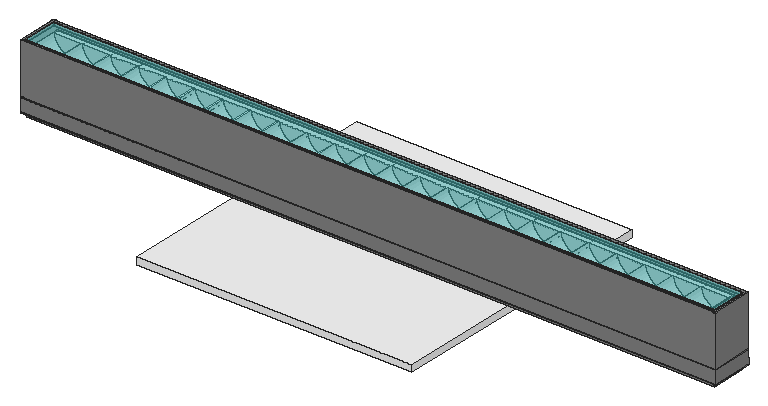
Revit family "BE_24316_de_DE", category Leuchten, Revit 2020
Family settings
  Basisbauteil = Fläche
  Bemaßung runder Anschluss = Durchmesser verwenden
  Teiletyp = Normal
  Beim Laden mit Abzugskörper schneiden = Ja
  Lichtquelle = Ja
  Gemeinsam genutzt = Nein
  Raumberechnungspunkt = Ja
Parameters (values of type "BEGA_24316_Grafit_K4")
  built-in parameter 1150104 = 16.602 (stored number, unit not read)
  Wattage = 32 W
  Default Elevation = 0 mm
  built-in parameter 1150113 = 1 (stored number, unit not read)
  built-in parameter 1114218 = 1 (stored number, unit not read)
  Umgebungstemperatur = "25 °C"
  URL = "https://www.bega.com/de/produkt/24316"
  Typenkommentare = "© 2022 BEGA. Wir behalten uns das Recht vor, technische Änderungen ohne vorherige Ankündigung vorzunehmen."  # constant formula
  Type Image = 24316.png
  built-in parameter 1150134 = 12
  built-in parameter 1150109 = 1 (stored number, unit not read)
  Strom = ""
  built-in parameter 1150110 = 1 (stored number, unit not read)
  Spannung = 239.996 V
  Sonderanfertigung = no
  Seriennummer [instance] = "Hier können Sie die eindeutige Seriennummer für das Facility Management eintragen."
  Schutzklasse = "I"
  Schutzart = "IP 65"
  Scheinlast = 0 VA
  Produktdatenblatt = "https://cdn.bega.com/bega/products/24316K4/current/documents/data-sheets/de"
  Oberflächentemperatur = ""
  Neigungswinkel = 0.00°
  Modell = "24316K4"
  Material_17 = BEGA_Reflektor
  Material_15 = BEGA_Leuchtmedium_matt
  Material_11 = BEGA_Glas_opal
  Material_09 = BEGA_Glas_klar
  Material_06 = BEGA_Oberfläche_Edelstahl_gebürstet
  Material_05 = BEGA_Oberfläche_Aluminium Guss
  Material_03 = BEGA_Oberfläche_Weiss_matt
  Material_02 = BEGA_Oberfläche_Silber_matt
  Material_01 [instance] = BEGA_Oberfläche_Grafit_matt
  M_W = no
  M_G = yes
  M_A = no
  Logo = 0
  built-in parameter 1114217 = 1 (stored number, unit not read)
  built-in parameter 1150139 = (empty or 0)
  built-in parameter 1150105 = 455.06 (stored number, unit not read)
  built-in parameter 1150114 = 1 (stored number, unit not read)
  Lumens = 5718.4 lm
  built-in parameter 1150115 = 1 (stored number, unit not read)
  Leuchtenlichtstrom = "4151 lm"
  Leuchtenanzahl = ""
  Lebensdauerkriterien = "L70B50 @ 25 °C = 200000 h"
  Lastklassifizierung = Beleuchtung
  built-in parameter 1150112 = 1 (stored number, unit not read)
  Lampenlichtstrom = "6060 lm"
  Lampe = "LED 31.6 W"
  LED_Modulbezeichnung = "LED-0771/840"
  built-in parameter 1150142 = (empty or 0)
  Hersteller = "BEGA"  # constant formula
  Halbstreuwinkel = ""
  Gewicht = "6.25 kg"
  Gebrauchslageneinschränkung [instance] = ""
  Frequenz = "0/50-60 Hz"
  Farbwiedergabeindex = "CRI > 80"
  Farbtemperaturverschiebung bei Dämpfen der Lampe = <Keine Auswahl>
  Farbtemperatur = "4000 K"
  Color Filter = 16777215
  built-in parameter 1150133 = 10 (stored number, unit not read)
  Energieeffizienzklasse = "LED A++ - A"
  built-in parameter 1150137 = (empty or 0)
  built-in parameter 1150132 = (empty or 0)
  ENEC = "ja"
  Dimmbar [instance] = "DALI"
  Datei für fotometrisches Netz = "BE_24316K4.IES"
  CE_Konformität = "ja"
  Bestellnummer = "24316K4"
  Beschreibung_Sonderanfertigung = "Hier können Sie Informationen zur Sonderanfertigung eintragen."
  Beschreibung = "Deckenaufbau-Tiefstrahler"
  built-in parameter 1150106 = 4.5506 (stored number, unit not read)
  Befestigungsbohrung = "Ø 7 mm"
  Befestigungsabstand = "925 mm"
  Ballwurfsicher = ""
  BEGA_Intern_aus = yes
  BEGA_Intern_an = yes
  BEGA_Intern_Konstruktion = yes
  BEGA_Intern = yes
  BEGA_IES = yes
  BEGA_Dummy = no
  Anschlussleitung = ""
  Anschlussleistung [instance] = "35.6 W"
  Anschlusskasten = ""
  built-in parameter 1150107 = 4000 (stored number, unit not read)
  built-in parameter 1150102 = (empty or 0)
  built-in parameter 1150138 = (empty or 0)
  Aktualisierung = "2022-05-18T04:00:07"
  Abstand_zur_angestrahlten_Fläche [instance] = ""
  AC/DC = "AC/DC"
Types (2, lengths in mm): name | built-in parameter 1150104 | built-in parameter 1150134 | Modell | built-in parameter 1150105 | Lumens | Leuchtenlichtstrom | Lampenlichtstrom | LED_Modulbezeichnung | Farbtemperatur | Datei für fotometrisches Netz | Bestellnummer | built-in parameter 1150106 | built-in parameter 1150107
  BEGA_24316_Grafit_K4 | 16.602 (stored number, unit not read) | 12 | "24316K4" | 455.06 (stored number, unit not read) | 5718.4 lm | "4151 lm" | "6060 lm" | "LED-0771/840" | "4000 K" | "BE_24316K4.IES" | "24316K4" | 4.5506 (stored number, unit not read) | 4000 (stored number, unit not read)
  BEGA_24316_Grafit_K3 | 16.193 (stored number, unit not read) | (empty or 0) | "24316K3" | 443.85 (stored number, unit not read) | 5577.6 lm | "4024 lm" | "5900 lm" | "LED-0771/830" | "3000 K" | "BE_24316K3.IES" | "24316K3" | 4.4385 (stored number, unit not read) | 3000 (stored number, unit not read)
Reference planes
  plane 1 "Mitte (Vorne/Hinten)": y = 0
  plane 2: z = 0
  plane 3 "Mitte (Links/Rechts)": x = 0
  plane 4 "Links": x = -506
  plane 5 "Rechts": x = 506
  plane 6 "Unten": y = -30
  plane 7 "Oben": y = 30
  plane 8 "Vorne": z = 101
  plane 9 "Hinten": z = 0
Forms (mm)
  Extrusion 1, solid, material "BEGA_Platte_Weiss"
    sketch origin (0, -1119.2, 0) x (1, 0, 0) y (0, 1, 0)
      loop
        line (-200, 1319.2) -> (-200, 919.2) -> (200, 919.2) -> (200, 1319.2) -> (-200, 1319.2)
    from 0 to -10
  Extrusion 2, solid, material "BEGA_Dummy_matt", visible <- "BEGA_Dummy"
    sketch origin (80.095, -76.023, 0) x (1, 0, 0) y (0, 1, 0)
      loop
        line (-586.095, 106.023) -> (-586.095, 46.023) -> (425.905, 46.023) -> (425.905, 106.023) -> (-586.095, 106.023)
    from 0 to 101
Dimensions and locks
  plane 1 "Mitte (Vorne/Hinten)" to Extrusion 1 = 200 mm
  aligned and locked: plane 2 to Extrusion 1
  aligned and locked: level to Extrusion 1
Nested families
  nested 1: "BE_24316" at (0, 0, 0), type "BE_24316"
Connectors
  electrical at (0, 0, 0), driven by "Lastklassifizierung", driven by "Spannung", driven by "Scheinlast"
    settings: index 1, voltage 239.996 V, apparent load 0 VA, apparent load phase1 0 VA, apparent load phase2 0 VA, apparent load phase3 0 VA, power factor 1, load classification "Beleuchtung", number of poles 1, system type 31, power factor state 1, is connector primary yes, connector utility no, sub classification motor no, connector description ""
Definition of nested family "BE_24316"
  Parameters (values of type "BE_24316")
    Default Elevation = 1 mm
    URL = "http://www.bega.de/de/produkt"
    Type Comments = "© 2015 BEGA. Wir behalten uns das Recht vor, technische Änderungen ohne vorherige Ankündigung vorzunehmen. "  # constant formula
    Type Image = (empty or 0)
    Neigungswinkel_um_Z2 = 0.00°
    Neigungswinkel_um_Z1 = 0.00°
    Neigungswinkel_um_Y2 = 0.00°
    Neigungswinkel_um_Y1 = 0.00°
    Neigungswinkel_um_X2 = 0.00°
    Neigungswinkel_um_X1 = 0.00°
    Material_17 = none
    Material_15 = none
    Material_11 = none
    Material_09 = none
    Material_06 = none
    Material_05 = none
    Material_03 = none
    Material_02 = none
    Material_01 = none
    M_W = yes
    M_G = yes
    M_A = yes
    Länge_Platte = 1200 mm  # constant formula
    Höhe_Platte = -10 mm  # constant formula
    Manufacturer = "BEGA"  # constant formula
    Drehwinkel_um_Z2 = 0.00°
    Drehwinkel_um_Z1 = 0.00°
    Breite_Platte = 200 mm  # constant formula
  Reference planes
    plane 1 "Mitte (Oben/Unten)": y = 0
    plane 2: z = 0
    plane 3 "Mitte (Links/Rechts)": x = 0
    plane 4: z = 101
    plane 5: y = 30
    plane 6: y = -30
    plane 7: x = -506
    plane 8: x = 506
  Forms (mm)
    Extrusion 1, solid, detail levels medium
      sketch origin (0, 0, 0) x (1, 0, 0) y (0, 1, 0)
        loop
          line (-600, 100) -> (-600, -100) -> (600, -100) -> (600, 100) -> (-600, 100)
      from 0 to -10 <- "Höhe_Platte"
    Extrusion 2, solid, material <- "Material_17", detail levels medium+fine
      sketch origin (0, 0, 0) x (1, 0, 0) y (0, 0, 1)
        loop
          line (-219.896, 71.065) -> (-217.905, 71.065)
          arc (-217.905, 71.065) -> (-209.513, 79.101) -> (-205.033, 89.821) r 28.453
          arc (-205.033, 89.821) -> (-200.531, 79.07) -> (-192.095, 71.026) r 28.448
          line (-192.095, 71.026) -> (-190.104, 71.026)
          arc (-190.104, 71.026) -> (-200.884, 81.497) -> (-204.535, 96.076) r 27.451
          line (-204.535, 96.076) -> (-205.537, 96.076)
          arc (-205.537, 96.076) -> (-209.167, 81.533) -> (-219.896, 71.065) r 27.451
        loop
          arc (-231.11, 71.026) -> (-241.883, 81.493) -> (-245.534, 96.064) r 27.449
          line (-245.534, 96.064) -> (-246.421, 96.064)
          arc (-246.421, 96.064) -> (-250.067, 81.523) -> (-260.809, 71.066) r 27.448
          line (-260.809, 71.066) -> (-258.842, 71.066)
          arc (-258.842, 71.066) -> (-250.41, 79.217) -> (-245.979, 90.076) r 28.466
          arc (-245.979, 90.076) -> (-241.539, 79.189) -> (-233.077, 71.026) r 28.467
          line (-233.077, 71.026) -> (-231.11, 71.026)
        loop
          arc (245.487, 96.076) -> (241.847, 81.515) -> (231.092, 71.045) r 27.451
          line (231.092, 71.045) -> (233.084, 71.045)
          arc (233.084, 71.045) -> (241.527, 79.128) -> (246.008, 89.923) r 28.451
          arc (246.008, 89.923) -> (250.453, 79.153) -> (258.842, 71.066) r 28.466
          line (258.842, 71.066) -> (260.809, 71.066)
          arc (260.809, 71.066) -> (250.064, 81.528) -> (246.421, 96.076) r 27.448
          line (246.421, 96.076) -> (245.487, 96.076)
        loop
          arc (-176.905, 71.026) -> (-168.516, 79.04) -> (-164.018, 89.734) r 28.485
          arc (-164.018, 89.734) -> (-159.507, 79.033) -> (-151.095, 71.026) r 28.447
          line (-151.095, 71.026) -> (-149.107, 71.026)
          arc (-149.107, 71.026) -> (-159.887, 81.497) -> (-163.538, 96.076) r 27.451
          line (-163.538, 96.076) -> (-164.537, 96.076)
          arc (-164.537, 96.076) -> (-168.157, 81.51) -> (-178.896, 71.026) r 27.452
          line (-178.896, 71.026) -> (-176.905, 71.026)
        loop
          arc (-108.107, 71.026) -> (-118.887, 81.497) -> (-122.538, 96.076) r 27.451
          line (-122.538, 96.076) -> (-123.54, 96.076)
          arc (-123.54, 96.076) -> (-127.17, 81.533) -> (-137.899, 71.065) r 27.451
          line (-137.899, 71.065) -> (-135.908, 71.065)
          arc (-135.908, 71.065) -> (-127.516, 79.101) -> (-123.036, 89.821) r 28.453
          arc (-123.036, 89.821) -> (-118.534, 79.07) -> (-110.098, 71.026) r 28.448
          line (-110.098, 71.026) -> (-108.107, 71.026)
        loop
          line (-96.899, 71.065) -> (-94.908, 71.065)
          arc (-94.908, 71.065) -> (-86.517, 79.099) -> (-82.037, 89.818) r 28.453
          arc (-82.037, 89.818) -> (-77.535, 79.068) -> (-69.1, 71.026) r 28.448
          line (-69.1, 71.026) -> (-67.108, 71.026)
          arc (-67.108, 71.026) -> (-77.889, 81.497) -> (-81.539, 96.076) r 27.451
          line (-81.539, 96.076) -> (-82.54, 96.076)
          arc (-82.54, 96.076) -> (-86.17, 81.533) -> (-96.899, 71.065) r 27.451
        loop
          arc (55.889, 71.045) -> (45.134, 81.515) -> (41.494, 96.076) r 27.451
          line (41.494, 96.076) -> (40.492, 96.076)
          arc (40.492, 96.076) -> (36.851, 81.515) -> (26.097, 71.045) r 27.451
          line (26.097, 71.045) -> (28.088, 71.045)
          arc (28.088, 71.045) -> (36.502, 79.085) -> (40.993, 89.821) r 28.451
          arc (40.993, 89.821) -> (45.484, 79.085) -> (53.898, 71.045) r 28.451
          line (53.898, 71.045) -> (55.889, 71.045)
        loop
          line (67.097, 71.045) -> (69.088, 71.045)
          arc (69.088, 71.045) -> (77.501, 79.084) -> (81.992, 89.818) r 28.451
          arc (81.992, 89.818) -> (86.483, 79.084) -> (94.896, 71.045) r 28.451
          line (94.896, 71.045) -> (96.887, 71.045)
          arc (96.887, 71.045) -> (86.133, 81.515) -> (82.492, 96.076) r 27.451
          line (82.492, 96.076) -> (81.492, 96.076)
          arc (81.492, 96.076) -> (77.851, 81.515) -> (67.097, 71.045) r 27.451
        loop
          arc (14.886, 71.045) -> (4.133, 81.515) -> (0.494, 96.076) r 27.451
          line (0.494, 96.076) -> (-0.505, 96.076)
          arc (-0.505, 96.076) -> (-4.146, 81.506) -> (-14.9, 71.024) r 27.487
          line (-14.9, 71.024) -> (-12.912, 71.024)
          arc (-12.912, 71.024) -> (-4.497, 79.072) -> (-0.005, 89.816) r 28.486
          arc (-0.005, 89.816) -> (4.486, 79.083) -> (12.898, 71.045) r 28.449
          line (12.898, 71.045) -> (14.886, 71.045)
        loop
          line (-55.9, 71.065) -> (-53.909, 71.065)
          arc (-53.909, 71.065) -> (-45.519, 79.099) -> (-41.039, 89.816) r 28.453
          arc (-41.039, 89.816) -> (-36.536, 79.057) -> (-28.1, 71.004) r 28.485
          line (-28.1, 71.004) -> (-26.108, 71.004)
          arc (-26.108, 71.004) -> (-36.889, 81.488) -> (-40.539, 96.076) r 27.487
          line (-40.539, 96.076) -> (-41.541, 96.076)
          arc (-41.541, 96.076) -> (-45.172, 81.533) -> (-55.9, 71.065) r 27.451
        loop
          line (108.095, 71.045) -> (110.087, 71.045)
          arc (110.087, 71.045) -> (118.5, 79.085) -> (122.991, 89.821) r 28.451
          arc (122.991, 89.821) -> (127.482, 79.085) -> (135.896, 71.045) r 28.451
          line (135.896, 71.045) -> (137.887, 71.045)
          arc (137.887, 71.045) -> (127.133, 81.515) -> (123.492, 96.076) r 27.451
          line (123.492, 96.076) -> (122.49, 96.076)
          arc (122.49, 96.076) -> (118.85, 81.515) -> (108.095, 71.045) r 27.451
        loop
          line (149.098, 71.045) -> (151.086, 71.045)
          arc (151.086, 71.045) -> (159.5, 79.085) -> (163.99, 89.821) r 28.449
          arc (163.99, 89.821) -> (168.481, 79.085) -> (176.896, 71.045) r 28.449
          line (176.896, 71.045) -> (178.884, 71.045)
          arc (178.884, 71.045) -> (168.13, 81.515) -> (164.489, 96.076) r 27.451
          line (164.489, 96.076) -> (163.49, 96.076)
          arc (163.49, 96.076) -> (159.851, 81.515) -> (149.098, 71.045) r 27.451
        loop
          arc (219.884, 71.045) -> (209.13, 81.515) -> (205.489, 96.076) r 27.451
          line (205.489, 96.076) -> (204.487, 96.076)
          arc (204.487, 96.076) -> (200.847, 81.515) -> (190.092, 71.045) r 27.451
          line (190.092, 71.045) -> (192.084, 71.045)
          arc (192.084, 71.045) -> (200.498, 79.085) -> (204.988, 89.821) r 28.451
          arc (204.988, 89.821) -> (209.479, 79.085) -> (217.893, 71.045) r 28.451
          line (217.893, 71.045) -> (219.884, 71.045)
        loop
          arc (-272.023, 71.066) -> (-282.772, 81.527) -> (-286.418, 96.076) r 27.45
          line (-286.418, 96.076) -> (-287.42, 96.076)
          arc (-287.42, 96.076) -> (-291.06, 81.515) -> (-301.815, 71.045) r 27.451
          line (-301.815, 71.045) -> (-299.824, 71.045)
          arc (-299.824, 71.045) -> (-291.406, 79.09) -> (-286.917, 89.833) r 28.451
          arc (-286.917, 89.833) -> (-282.425, 79.102) -> (-274.014, 71.066) r 28.45
          line (-274.014, 71.066) -> (-272.023, 71.066)
        loop
          line (-315.014, 71.045) -> (-313.023, 71.045)
          arc (-313.023, 71.045) -> (-323.778, 81.515) -> (-327.418, 96.076) r 27.451
          line (-327.418, 96.076) -> (-328.417, 96.076)
          arc (-328.417, 96.076) -> (-332.058, 81.515) -> (-342.812, 71.045) r 27.451
          line (-342.812, 71.045) -> (-340.824, 71.045)
          arc (-340.824, 71.045) -> (-332.409, 79.085) -> (-327.918, 89.821) r 28.449
          arc (-327.918, 89.821) -> (-323.427, 79.085) -> (-315.014, 71.045) r 28.449
        loop
          line (-383.812, 71.045) -> (-381.821, 71.045)
          arc (-381.821, 71.045) -> (-373.407, 79.085) -> (-368.916, 89.821) r 28.451
          arc (-368.916, 89.821) -> (-364.425, 79.085) -> (-356.011, 71.045) r 28.451
          line (-356.011, 71.045) -> (-354.02, 71.045)
          arc (-354.02, 71.045) -> (-364.775, 81.515) -> (-368.415, 96.076) r 27.451
          line (-368.415, 96.076) -> (-369.417, 96.076)
          arc (-369.417, 96.076) -> (-373.058, 81.515) -> (-383.812, 71.045) r 27.451
        loop
          arc (-395.02, 71.045) -> (-405.775, 81.515) -> (-409.415, 96.076) r 27.451
          line (-409.415, 96.076) -> (-410.416, 96.076)
          arc (-410.416, 96.076) -> (-414.056, 81.515) -> (-424.811, 71.045) r 27.451
          line (-424.811, 71.045) -> (-422.819, 71.045)
          arc (-422.819, 71.045) -> (-414.407, 79.084) -> (-409.915, 89.818) r 28.451
          arc (-409.915, 89.818) -> (-405.424, 79.084) -> (-397.011, 71.045) r 28.451
          line (-397.011, 71.045) -> (-395.02, 71.045)
        loop
          arc (-436.019, 71.045) -> (-446.773, 81.515) -> (-450.414, 96.076) r 27.451
          line (-450.414, 96.076) -> (-451.416, 96.076)
          arc (-451.416, 96.076) -> (-455.056, 81.515) -> (-465.811, 71.045) r 27.451
          line (-465.811, 71.045) -> (-463.819, 71.045)
          arc (-463.819, 71.045) -> (-455.406, 79.085) -> (-450.915, 89.821) r 28.451
          arc (-450.915, 89.821) -> (-446.424, 79.085) -> (-438.01, 71.045) r 28.451
          line (-438.01, 71.045) -> (-436.019, 71.045)
        loop
          arc (-477.019, 71.045) -> (-487.773, 81.515) -> (-491.414, 96.076) r 27.451
          line (-491.414, 96.076) -> (-492.413, 96.076)
          arc (-492.413, 96.076) -> (-489.056, 81.768) -> (-479.007, 71.045) r 28.449
          line (-479.007, 71.045) -> (-477.019, 71.045)
        loop
          line (272.023, 71.066) -> (274.014, 71.066)
          arc (274.014, 71.066) -> (282.425, 79.102) -> (286.917, 89.833) r 28.45
          arc (286.917, 89.833) -> (291.406, 79.09) -> (299.824, 71.045) r 28.451
          line (299.824, 71.045) -> (301.815, 71.045)
          arc (301.815, 71.045) -> (291.06, 81.515) -> (287.42, 96.076) r 27.451
          line (287.42, 96.076) -> (286.418, 96.076)
          arc (286.418, 96.076) -> (282.772, 81.527) -> (272.023, 71.066) r 27.45
        loop
          arc (315.014, 71.045) -> (323.427, 79.085) -> (327.918, 89.821) r 28.449
          arc (327.918, 89.821) -> (332.409, 79.085) -> (340.824, 71.045) r 28.449
          line (340.824, 71.045) -> (342.812, 71.045)
          arc (342.812, 71.045) -> (332.058, 81.515) -> (328.417, 96.076) r 27.451
          line (328.417, 96.076) -> (327.418, 96.076)
          arc (327.418, 96.076) -> (323.778, 81.515) -> (313.023, 71.045) r 27.451
          line (313.023, 71.045) -> (315.014, 71.045)
        loop
          arc (383.812, 71.045) -> (373.058, 81.515) -> (369.417, 96.076) r 27.451
          line (369.417, 96.076) -> (368.415, 96.076)
          arc (368.415, 96.076) -> (364.775, 81.515) -> (354.02, 71.045) r 27.451
          line (354.02, 71.045) -> (356.011, 71.045)
          arc (356.011, 71.045) -> (364.425, 79.085) -> (368.916, 89.821) r 28.451
          arc (368.916, 89.821) -> (373.407, 79.085) -> (381.821, 71.045) r 28.451
          line (381.821, 71.045) -> (383.812, 71.045)
        loop
          line (395.02, 71.045) -> (397.011, 71.045)
          arc (397.011, 71.045) -> (405.424, 79.084) -> (409.915, 89.818) r 28.451
          arc (409.915, 89.818) -> (414.407, 79.084) -> (422.819, 71.045) r 28.451
          line (422.819, 71.045) -> (424.811, 71.045)
          arc (424.811, 71.045) -> (414.056, 81.515) -> (410.416, 96.076) r 27.451
          line (410.416, 96.076) -> (409.415, 96.076)
          arc (409.415, 96.076) -> (405.775, 81.515) -> (395.02, 71.045) r 27.451
        loop
          line (436.019, 71.045) -> (438.01, 71.045)
          arc (438.01, 71.045) -> (446.424, 79.085) -> (450.915, 89.821) r 28.451
          arc (450.915, 89.821) -> (455.406, 79.085) -> (463.819, 71.045) r 28.451
          line (463.819, 71.045) -> (465.811, 71.045)
          arc (465.811, 71.045) -> (455.056, 81.515) -> (451.416, 96.076) r 27.451
          line (451.416, 96.076) -> (450.414, 96.076)
          arc (450.414, 96.076) -> (446.773, 81.515) -> (436.019, 71.045) r 27.451
        loop
          line (477.019, 71.045) -> (479.007, 71.045)
          arc (479.007, 71.045) -> (489.056, 81.768) -> (492.413, 96.076) r 28.449
          line (492.413, 96.076) -> (491.414, 96.076)
          arc (491.414, 96.076) -> (487.773, 81.515) -> (477.019, 71.045) r 27.451
      from -21 to 21
    Sweep 3, solid, material <- "Material_01", detail levels medium+fine
      path origin (0, 0, 0) x (1, 0, 0) y (0, 1, 0)
        loop
          line (-506, 30) -> (-506, -30) -> (506, -30) -> (506, 30) -> (-506, 30)
      profile origin (0, 30, 0) x (0, 1, 0) y (0, 0, 1)
        loop
          line (-0.5, 101) -> (-3.044, 101) -> (-4.682, 96.5) -> (-8.994, 96.5) -> (-8.994, 94) -> (-2.8, 94) -> (-2.8, 26) -> (-0.5, 26)
          arc (-0.5, 26) -> (-0.146, 26.146) -> (0, 26.5) r 0.5
          line (0, 26.5) -> (0, 100.5)
          arc (0, 100.5) -> (-0.146, 100.854) -> (-0.5, 101) r 0.5
    Extrusion 4, solid, material <- "Material_01", detail levels medium+fine
      sketch origin (0, 0, 0) x (1, 0, 0) y (0, 0, 1)
        loop
          line (-492.413, 94) -> (-492.413, 96.5) -> (-498.789, 96.5) -> (-498.789, 94) -> (-492.413, 94)
        loop
          line (492.413, 94) -> (498.789, 94) -> (498.789, 96.5) -> (492.413, 96.5) -> (492.413, 94)
      from -22.05 to 22.05
    Extrusion 5, solid, material <- "Material_09", detail levels medium+fine
      sketch origin (0, 0, 0) x (0, 1, 0) y (0, 0, 1)
        loop
          line (25, 96.7) -> (25, 100.7) -> (-25, 100.7) -> (-25, 96.7) -> (25, 96.7)
      from -501.318 to 501.318
    Extrusion 6, solid, material <- "Material_15", detail levels medium+fine
      sketch origin (0, 13.25, 0) x (1, 0, 0) y (0, 1, 0)
        loop
          line (-228.7, 3.2) -> (-228.7, -3.2) -> (-222.3, -3.2) -> (-222.3, 3.2) -> (-228.7, 3.2)
        loop
          line (-187.7, 3.2) -> (-187.7, -3.2) -> (-181.3, -3.2) -> (-181.3, 3.2) -> (-187.7, 3.2)
        loop
          line (-146.703, 3.2) -> (-146.703, -3.2) -> (-140.303, -3.2) -> (-140.303, 3.2) -> (-146.703, 3.2)
        loop
          line (-105.703, 3.2) -> (-105.703, -3.2) -> (-99.303, -3.2) -> (-99.303, 3.2) -> (-105.703, 3.2)
        loop
          line (-64.704, 3.2) -> (-64.704, -3.2) -> (-58.304, -3.2) -> (-58.304, 3.2) -> (-64.704, 3.2)
        loop
          line (-23.704, 3.2) -> (-23.704, -3.2) -> (-17.304, -3.2) -> (-17.304, 3.2) -> (-23.704, 3.2)
        loop
          line (17.293, 3.2) -> (17.293, -3.2) -> (23.693, -3.2) -> (23.693, 3.2) -> (17.293, 3.2)
        loop
          line (58.293, 3.2) -> (58.293, -3.2) -> (64.693, -3.2) -> (64.693, 3.2) -> (58.293, 3.2)
        loop
          line (99.291, 3.2) -> (99.291, -3.2) -> (105.691, -3.2) -> (105.691, 3.2) -> (99.291, 3.2)
        loop
          line (140.291, 3.2) -> (140.291, -3.2) -> (146.691, -3.2) -> (146.691, 3.2) -> (140.291, 3.2)
        loop
          line (181.288, 3.2) -> (181.288, -3.2) -> (187.688, -3.2) -> (187.688, 3.2) -> (181.288, 3.2)
        loop
          line (222.288, 3.2) -> (222.288, -3.2) -> (228.688, -3.2) -> (228.688, 3.2) -> (222.288, 3.2)
        loop
          line (-269.7, 3.2) -> (-269.7, -3.2) -> (-263.3, -3.2) -> (-263.3, 3.2) -> (-269.7, 3.2)
        loop
          line (-310.7, 3.2) -> (-310.7, -3.2) -> (-304.3, -3.2) -> (-304.3, 3.2) -> (-310.7, 3.2)
        loop
          line (-351.7, 3.2) -> (-351.7, -3.2) -> (-345.3, -3.2) -> (-345.3, 3.2) -> (-351.7, 3.2)
        loop
          line (-392.7, 3.2) -> (-392.7, -3.2) -> (-386.3, -3.2) -> (-386.3, 3.2) -> (-392.7, 3.2)
        loop
          line (-433.7, 3.2) -> (-433.7, -3.2) -> (-427.3, -3.2) -> (-427.3, 3.2) -> (-433.7, 3.2)
        loop
          line (-474.7, 3.2) -> (-474.7, -3.2) -> (-468.3, -3.2) -> (-468.3, 3.2) -> (-474.7, 3.2)
        loop
          line (269.7, 3.2) -> (263.3, 3.2) -> (263.3, -3.2) -> (269.7, -3.2) -> (269.7, 3.2)
        loop
          line (310.7, 3.2) -> (304.3, 3.2) -> (304.3, -3.2) -> (310.7, -3.2) -> (310.7, 3.2)
        loop
          line (351.7, 3.2) -> (345.3, 3.2) -> (345.3, -3.2) -> (351.7, -3.2) -> (351.7, 3.2)
        loop
          line (392.7, 3.2) -> (386.3, 3.2) -> (386.3, -3.2) -> (392.7, -3.2) -> (392.7, 3.2)
        loop
          line (433.7, 3.2) -> (427.3, 3.2) -> (427.3, -3.2) -> (433.7, -3.2) -> (433.7, 3.2)
        loop
          line (474.7, 3.2) -> (468.3, 3.2) -> (468.3, -3.2) -> (474.7, -3.2) -> (474.7, 3.2)
      from 70 to 69.119
    Sweep 7, solid, material <- "Material_01", detail levels medium+fine
      path origin (0, 0, 0) x (1, 0, 0) y (0, 1, 0)
        loop
          line (506, 30) -> (-506, 30) -> (-506, -30) -> (506, -30) -> (506, 30)
      profile origin (0, 30, 0) x (0, -1, 0) y (0, 0, 1)
        loop
          arc (0, 6.5) -> (0.146, 6.146) -> (0.5, 6) r 0.5
          line (0.5, 6) -> (5, 6) -> (5, 0) -> (25, 0) -> (25, 10) -> (4, 10) -> (4, 26) -> (0, 26) -> (0, 6.5)
    Extrusion 8, solid, material <- "Material_01", detail levels medium+fine
      sketch origin (0, 0, 0) x (0, 1, 0) y (0, 0, 1)
        loop
          line (5, 10) -> (-5, 10) -> (-5, 0) -> (5, 0) -> (5, 10)
      from 484.291 to -481
    Extrusion 9, void
      sketch origin (0, 0, 0) x (1, 0, 0) y (0, 1, 0)
        loop
          arc (-80, 20) -> (-100, 0) -> (-80, -20) r 20
          line (-80, -20) -> (80, -20)
          arc (80, -20) -> (100, 0) -> (80, 20) r 20
          line (80, 20) -> (-80, 20)
        loop
          arc (395, 3.5) -> (391.5, 0) -> (395, -3.5) r 3.5
          line (395, -3.5) -> (405, -3.5)
          arc (405, -3.5) -> (408.5, 0) -> (405, 3.5) r 3.5
          line (405, 3.5) -> (395, 3.5)
        loop
          arc (-403.5, -5) -> (-400, -8.5) -> (-396.5, -5) r 3.5
          line (-396.5, -5) -> (-396.5, 5)
          arc (-396.5, 5) -> (-400, 8.5) -> (-403.5, 5) r 3.5
          line (-403.5, 5) -> (-403.5, -5)
      from 11.948 to -0.793
    Revolve 10, solid, material <- "Material_06", detail levels fine
      sketch origin (-300, 0, 0) x (0, 1, 0) y (0, 0, 1)
        loop
          line (30, 22.75) -> (30, 18.8) -> (32.2, 18.8) -> (32.2, 22.75) -> (30, 22.75)
        axis (30, 18.8) -> (32.2, 18.8)
      angle from 0 to 360
    Extrusion 11, solid, material <- "Material_17", detail levels medium+fine
      sketch origin (0, 0, 0) x (0, 1, 0) y (0, 0, 1)
        loop
          line (21, 96.045) -> (12.5, 96.045) -> (17.09, 71.045) -> (18.106, 71.045) -> (13.7, 95.045) -> (21, 95.045) -> (21, 96.045)
        loop
          line (-20, 96.045) -> (-21.259, 96.045)
          arc (-21.259, 96.045) -> (-8.634, 82.264) -> (6.314, 71.045) r 101.002
          line (6.314, 71.045) -> (8.25, 71.045)
          arc (8.25, 71.045) -> (-7.065, 82.201) -> (-20, 96.045) r 100.002
      from 493.259 to -493.07
    Revolve 12, solid, material <- "Material_06", detail levels fine
      sketch origin (300, 0, 0) x (0, 1, 0) y (0, 0, -1)
        loop
          line (30, -22.75) -> (32.2, -22.75) -> (32.2, -18.8) -> (30, -18.8) -> (30, -22.75)
        axis (30, -18.8) -> (32.2, -18.8)
      angle from 0 to 360
  Cuts and joins
    joined: Sweep 3, Extrusion 4
    Extrusion 9 cuts Sweep 7
    Extrusion 9 cuts Extrusion 8
    joined: Sweep 7, Extrusion 8
    joined: Extrusion 2, Extrusion 11
  Dimensions and locks
    equal spacing: Extrusion 1 sketch curve, plane 3 "Mitte (Links/Rechts)", Extrusion 1 sketch curve
    equal spacing: Extrusion 1 sketch curve, plane 1 "Mitte (Oben/Unten)", Extrusion 1 sketch curve
    "Länge_Platte": Extrusion 1 sketch curve to Extrusion 1 sketch curve
    "Breite_Platte": Extrusion 1 sketch curve to Extrusion 1 sketch curve
    aligned and locked: Extrusion 1 to plane 2
    aligned and locked: level to Extrusion 1
  Automatic sketch dimensions
    Sweep 3 sketch curve to plane 6 = 0 mm
    Sweep 3 sketch curve to plane 5 = 0 mm
    Sweep 3 sketch curve to profile plane = 0 mm
    profile plane to Sweep 3 sketch curve = 0.5 mm
    Sweep 3 sketch curve to Sweep 3 sketch curve = 0.5 mm
    Sweep 3 sketch curve to Sweep 3 sketch curve = 2.3 mm
    Sweep 3 sketch curve to Sweep 3 sketch curve = 2.544 mm
    Sweep 3 sketch curve to Sweep 3 sketch curve = 1.882 mm
    Sweep 3 sketch curve to Sweep 3 sketch curve = 4.312 mm
    level to Sweep 3 sketch curve = 26 mm
    Sweep 3 sketch curve to Sweep 3 sketch curve = 67.5 mm
    Sweep 3 sketch curve to Sweep 3 sketch curve = 2.5 mm
    Sweep 3 sketch curve to Sweep 3 sketch curve = 4 mm
    Extrusion 5 sketch curve to plane 6 = 5 mm
    Extrusion 5 sketch curve to plane 4 = 0.3 mm
    Extrusion 5 sketch curve to plane 5 = 5 mm
    Extrusion 5 sketch curve to Extrusion 5 sketch curve = 4 mm
    Sweep 7 sketch curve to plane 5 = 0 mm
    Sweep 7 sketch curve to plane 6 = 0 mm
    Sweep 7 sketch curve to profile plane = 0 mm
    Sweep 7 sketch curve to level = 0 mm
    Sweep 7 sketch curve to Sweep 7 sketch curve = 0.5 mm
    Sweep 7 sketch curve to Sweep 7 sketch curve = 4 mm  (x2)
    Sweep 7 sketch curve to Sweep 7 sketch curve = 1 mm
    Sweep 7 sketch curve to Sweep 7 sketch curve = 20 mm
    Sweep 7 sketch curve to Sweep 7 sketch curve = 6 mm
    Sweep 7 sketch curve to Sweep 7 sketch curve = 16 mm
    Extrusion 8 sketch curve to level = 0 mm
    plane 1 "Mitte (Oben/Unten)" to Extrusion 8 sketch curve = 5 mm
    Extrusion 8 sketch curve to plane 1 "Mitte (Oben/Unten)" = 5 mm
    Extrusion 8 sketch curve to Extrusion 8 sketch curve = 10 mm
    plane 1 "Mitte (Oben/Unten)" to Extrusion 9 sketch curve = 0 mm  (x2)
    plane 1 "Mitte (Oben/Unten)" to Extrusion 9 sketch curve = 5 mm
    Extrusion 9 sketch curve to Extrusion 9 sketch curve = 3.5 mm
    Extrusion 9 sketch curve to plane 6 = 10 mm
    Extrusion 9 sketch curve to plane 3 "Mitte (Links/Rechts)" = 80 mm
    plane 3 "Mitte (Links/Rechts)" to Extrusion 9 sketch curve = 80 mm
    plane 1 "Mitte (Oben/Unten)" to Extrusion 9 sketch curve = 3.5 mm
    Extrusion 9 sketch curve to Extrusion 9 sketch curve = 10 mm
    Extrusion 9 sketch curve to plane 1 "Mitte (Oben/Unten)" = 5 mm
    Extrusion 9 sketch curve to Extrusion 9 sketch curve = 0 mm
    Revolve 10 sketch curve to plane 5 = 0 mm
    Revolve 10 sketch curve to Revolve 10 sketch curve = 2.2 mm
    level to Revolve 10 sketch curve = 18.8 mm
    Revolve 10 sketch curve to Revolve 10 sketch curve = 3.95 mm
    Revolve 10 sketch curve to plane 5 = 2 mm
    Revolve 10 sketch curve to Revolve 10 sketch curve = 2 mm
    Revolve 10 sketch curve to Revolve 10 sketch curve = 0 mm
    Extrusion 11 sketch curve to Extrusion 11 sketch curve = 0 mm  (x3)
    Extrusion 11 sketch curve to plane 6 = 8.741 mm
    Extrusion 11 sketch curve to Extrusion 11 sketch curve = 1.259 mm
    Extrusion 11 sketch curve to plane 1 "Mitte (Oben/Unten)" = 6.314 mm
    Extrusion 11 sketch curve to Extrusion 11 sketch curve = 1.935 mm
    Extrusion 11 sketch curve to plane 4 = 4.955 mm  (x2)
    Extrusion 11 sketch curve to plane 1 "Mitte (Oben/Unten)" = 12.5 mm
    Extrusion 11 sketch curve to Extrusion 11 sketch curve = 1.2 mm
    Extrusion 11 sketch curve to Extrusion 11 sketch curve = 8.84 mm
    Extrusion 11 sketch curve to Extrusion 11 sketch curve = 1.017 mm
    Extrusion 11 sketch curve to Extrusion 11 sketch curve = 7.3 mm
    Extrusion 11 sketch curve to Extrusion 11 sketch curve = 1 mm
    Extrusion 11 sketch curve to Extrusion 11 sketch curve = 24 mm
    Revolve 12 sketch curve to plane 5 = 0 mm
    Revolve 12 sketch curve to Revolve 12 sketch curve = 2.2 mm
    level to Revolve 12 sketch curve = 22.75 mm
    Revolve 12 sketch curve to Revolve 12 sketch curve = 3.95 mm
    Revolve 12 sketch curve to plane 5 = 2 mm
    Revolve 12 sketch curve to Revolve 12 sketch curve = 2 mm
    Revolve 12 sketch curve to Revolve 12 sketch curve = 0 mm
    Extrusion 2 sketch curve to Extrusion 2 sketch curve = 0 mm  (x102)
    Extrusion 2 sketch curve to plane 4 = 4.924 mm  (x23)
    Extrusion 2 sketch curve to Extrusion 2 sketch curve = 0.999 mm  (x5)
    Extrusion 2 sketch curve to Extrusion 2 sketch curve = 12.407 mm
    Extrusion 2 sketch curve to plane 4 = 5.8 mm  (x39)
    Extrusion 2 sketch curve to Extrusion 2 sketch curve = 12.561 mm  (x41)
    Extrusion 2 sketch curve to Extrusion 2 sketch curve = 1.988 mm  (x9)
    Extrusion 2 sketch curve to Extrusion 2 sketch curve = 11.208 mm  (x19)
    Extrusion 2 sketch curve to Extrusion 2 sketch curve = 1.991 mm  (x36)
    Extrusion 2 sketch curve to Extrusion 2 sketch curve = 1.002 mm  (x12)
    Extrusion 2 sketch curve to Extrusion 2 sketch curve = 25.81 mm  (x14)
    Extrusion 2 sketch curve to Extrusion 2 sketch curve = 14.875 mm  (x20)
    Extrusion 2 sketch curve to Extrusion 2 sketch curve = 1 mm  (x4)
    Extrusion 2 sketch curve to Extrusion 2 sketch curve = 25.808 mm  (x4)
    Extrusion 2 sketch curve to plane 4 = 5.83 mm
    Extrusion 2 sketch curve to Extrusion 2 sketch curve = 12.432 mm  (x3)
    Extrusion 2 sketch curve to Extrusion 2 sketch curve = 0.13 mm  (x3)
    Extrusion 2 sketch curve to plane 4 = 4.936 mm
    Extrusion 2 sketch curve to Extrusion 2 sketch curve = 12.56 mm  (x3)
    Extrusion 2 sketch curve to Extrusion 2 sketch curve = 0.887 mm
    Extrusion 2 sketch curve to Extrusion 2 sketch curve = 25.764 mm
    Extrusion 2 sketch curve to Extrusion 2 sketch curve = 1.968 mm  (x3)
    Extrusion 2 sketch curve to Extrusion 2 sketch curve = 11.214 mm  (x3)
    Extrusion 2 sketch curve to plane 4 = 5.805 mm
    Extrusion 2 sketch curve to plane 4 = 5.802 mm  (x3)
    Extrusion 2 sketch curve to plane 3 "Mitte (Links/Rechts)" = 13.067 mm
    Extrusion 2 sketch curve to plane 3 "Mitte (Links/Rechts)" = 0.505 mm
    plane 3 "Mitte (Links/Rechts)" to Extrusion 2 sketch curve = 0.494 mm
    plane 3 "Mitte (Links/Rechts)" to Extrusion 2 sketch curve = 12.898 mm
    Extrusion 2 sketch curve to Extrusion 2 sketch curve = 11.211 mm  (x2)
    Extrusion 2 sketch curve to plane 4 = 5.784 mm  (x2)
    Extrusion 2 sketch curve to Extrusion 2 sketch curve = 0.019 mm
    Extrusion 2 sketch curve to Extrusion 2 sketch curve = 0.041 mm
    Extrusion 2 sketch curve to Extrusion 2 sketch curve = 0.043 mm
    Extrusion 2 sketch curve to Extrusion 2 sketch curve = 0.046 mm
    Extrusion 2 sketch curve to Extrusion 2 sketch curve = 0.002 mm  (x2)
    Extrusion 2 sketch curve to Extrusion 2 sketch curve = 0.158 mm
    Extrusion 2 sketch curve to Extrusion 2 sketch curve = 0.934 mm
    Extrusion 4 sketch curve to plane 4 = 7 mm  (x2)
    Extrusion 4 sketch curve to Extrusion 4 sketch curve = 6.376 mm  (x2)
    Extrusion 4 sketch curve to Extrusion 4 sketch curve = 2.5 mm  (x2)
    Extrusion 6 sketch curve to plane 1 "Mitte (Oben/Unten)" = 10.05 mm  (x15)
    Extrusion 6 sketch curve to Extrusion 6 sketch curve = 6.4 mm  (x48)
    Extrusion 6 sketch curve to Extrusion 6 sketch curve = 34.6 mm  (x17)
    Extrusion 6 sketch curve to plane 5 = 13.55 mm  (x9)
    Extrusion 6 sketch curve to Extrusion 6 sketch curve = 34.597 mm  (x2)
    Extrusion 6 sketch curve to Extrusion 6 sketch curve = 34.599 mm  (x2)
    Extrusion 6 sketch curve to plane 3 "Mitte (Links/Rechts)" = 23.704 mm
    plane 3 "Mitte (Links/Rechts)" to Extrusion 6 sketch curve = 17.293 mm
    Extrusion 2 sketch curve to plane 3 "Mitte (Links/Rechts)" = 14.9 mm
    Extrusion 2 sketch curve to Extrusion 2 sketch curve = 14.911 mm
    Sweep 3 sketch curve to plane 3 "Mitte (Links/Rechts)" = 506 mm
    Extrusion 4 sketch curve to plane 3 "Mitte (Links/Rechts)" = 492.413 mm
    Sweep 7 sketch curve to plane 3 "Mitte (Links/Rechts)" = 506 mm
    Extrusion 9 sketch curve to Extrusion 9 sketch curve = 316.5 mm
    Extrusion 2 sketch curve to Extrusion 2 sketch curve = 25.758 mm
    Extrusion 2 sketch curve to plane 4 = 5.78 mm
    plane 3 "Mitte (Links/Rechts)" to Sweep 3 sketch curve = 506 mm
    plane 3 "Mitte (Links/Rechts)" to Extrusion 4 sketch curve = 492.413 mm
    Extrusion 6 sketch curve to Extrusion 6 sketch curve = 34.612 mm
    plane 3 "Mitte (Links/Rechts)" to Sweep 7 sketch curve = 506 mm
    Extrusion 9 sketch curve to Extrusion 9 sketch curve = 315 mm
